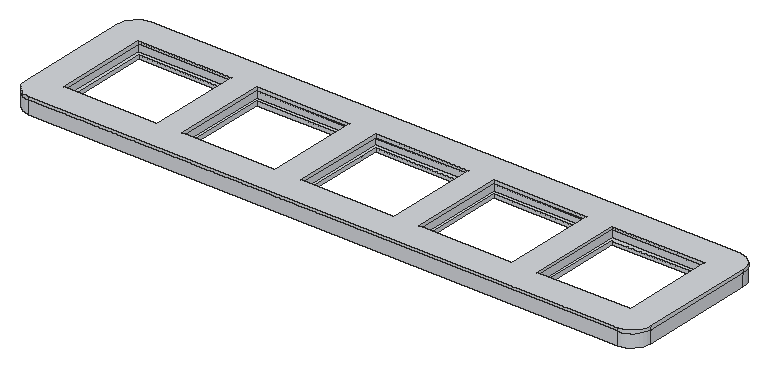
Revit family "Gira_0215427", category Electrical Fixtures, host Face, Revit 2017
Family settings
  Host = Face
  Maintain Annotation Orientation = No
  Round Connector Dimension = Use Diameter
  Part Type = Normal
  Cut with Voids When Loaded = No
  Shared = No
  Room Calculation Point = No
Parameters (values of type "Cov.fr. 5-g Gira E3 sand/anthra.")
  URL = "http://katalog.gira.de/en/datenblatt.html?artikelnr=0215427"
  Transparent = "No"
  Name = "Cov.fr. 5-g Gira E3 sand/anthra."
  Manufacturer URL = "https://www.gira.de/"
  Manufacturer = "Gira"
  Keynote = ""
  HeinzeBIM = "https://bimportal.heinze.de/bim/cov-fr-5-g-gira-e3-sand-anthra-/bf482813b412b719210a0537f9559d9848b2023b"
  HAN = "0215427"
  GTIN = "4010337024613"
  Description = "Cov.fr.5g E3 SdAn,Gira E3 cover frame,sand soft touch with anthracite intermediate frame,5-gang,Features:,- Shatter-proof.,,Notes :,- NCS value: approx. NCS S 2005-Y20R"
  Default Elevation = 1219.2 mm
  Data sheet (1) = "https://katalog.gira.de/en/download.html?artikelnr=0215427"
  Category = "Cover frame for domestic switching devices"
  BIM (1) = "https://media.stage.bim.site/public/gira/36a6b08/E3_Rahmen_5fach.rfa"
  Available = "No"
Reference planes
  plane 1 "Center (Front/Back)": y = 0
  plane 2: z = 0
  plane 3 "Center (Left/Right)": x = 0
Forms (mm)
  Extrusion 1, solid, detail levels fine
    sketch origin (0, 0, 0) x (1, 0, 0) y (0, 1, 0)
      loop
        arc (-177.4, 45.809) -> (-185.185, 42.585) -> (-188.409, 34.8) r 11.009
        line (-188.409, 34.8) -> (-188.409, -34.8)
        arc (-188.409, -34.8) -> (-185.185, -42.585) -> (-177.4, -45.809) r 11.009
        line (-177.4, -45.809) -> (177.4, -45.809)
        arc (177.4, -45.809) -> (185.185, -42.585) -> (188.409, -34.8) r 11.009
        line (188.409, -34.8) -> (188.409, 34.8)
        arc (188.409, 34.8) -> (185.185, 42.585) -> (177.4, 45.809) r 11.009
        line (177.4, 45.809) -> (-177.4, 45.809)
      loop
        line (-114.5, 28.187) -> (-170.756, 28.187) -> (-170.756, -28.187) -> (-114.5, -28.187) -> (-114.5, 28.187)
      loop
        line (-99.6, 28.187) -> (-99.6, -28.187) -> (-43.344, -28.187) -> (-43.344, 28.187) -> (-99.6, 28.187)
      loop
        line (114.5, 28.187) -> (114.5, -28.187) -> (170.756, -28.187) -> (170.756, 28.187) -> (114.5, 28.187)
      loop
        line (28.301, 28.187) -> (-27.955, 28.187) -> (-27.955, -28.187) -> (28.301, -28.187) -> (28.301, 28.187)
      loop
        line (43.143, 28.187) -> (43.143, -28.187) -> (99.399, -28.187) -> (99.399, 28.187) -> (43.143, 28.187)
    from 7.65 to 9.5
  Extrusion 2, solid, detail levels fine
    sketch origin (-142.8, 0, 0) x (1, 0, 0) y (0, 1, 0)
      loop
        line (26.1, 25.7) -> (-25.7, 25.7) -> (-25.7, -25.7) -> (26.1, -25.7) -> (26.1, 25.7)
      loop
        line (-28.187, -28.156) -> (28.187, -28.156) -> (28.187, 28.156) -> (-28.187, 28.156) -> (-28.187, -28.156)
    from 1.65 to 3.9
  Extrusion 3, solid, detail levels fine
    sketch origin (0, 0, 0) x (1, 0, 0) y (0, 1, 0)
      loop
        arc (-177.4, 45.809) -> (-185.185, 42.585) -> (-188.409, 34.8) r 11.009
        line (-188.409, 34.8) -> (-188.409, -34.8)
        arc (-188.409, -34.8) -> (-185.185, -42.585) -> (-177.4, -45.809) r 11.009
        line (-177.4, -45.809) -> (177.4, -45.809)
        arc (177.4, -45.809) -> (185.185, -42.585) -> (188.409, -34.8) r 11.009
        line (188.409, -34.8) -> (188.409, 34.8)
        arc (188.409, 34.8) -> (185.185, 42.585) -> (177.4, 45.809) r 11.009
        line (177.4, 45.809) -> (-177.4, 45.809)
      loop
        line (-186.443, 34.785) -> (-186.443, -34.785)
        arc (-186.443, -34.785) -> (-183.79, -41.19) -> (-177.385, -43.843) r 9.058
        line (-177.385, -43.843) -> (177.385, -43.843)
        arc (177.385, -43.843) -> (183.79, -41.19) -> (186.443, -34.785) r 9.058
        line (186.443, -34.785) -> (186.443, 34.785)
        arc (186.443, 34.785) -> (183.79, 41.19) -> (177.385, 43.843) r 9.058
        line (177.385, 43.843) -> (-177.385, 43.843)
        arc (-177.385, 43.843) -> (-183.79, 41.19) -> (-186.443, 34.785) r 9.058
    from 0 to 7.65
  Extrusion 4, solid, detail levels fine
    sketch origin (-35.75, 0, 0) x (1, 0, 0) y (0, 1, 0)
      loop
        line (-134.256, -31.075) -> (205.755, -31.075)
        arc (205.755, -31.075) -> (208.399, -29.98) -> (209.494, -27.337) r 3.739
        line (209.494, -27.337) -> (209.494, 27.337)
        arc (209.494, 27.337) -> (208.399, 29.98) -> (205.755, 31.075) r 3.739
        line (205.755, 31.075) -> (-134.256, 31.075)
        arc (-134.256, 31.075) -> (-136.899, 29.98) -> (-137.994, 27.337) r 3.739
        line (-137.994, 27.337) -> (-137.994, -27.337)
        arc (-137.994, -27.337) -> (-136.899, -29.98) -> (-134.256, -31.075) r 3.739
      loop
        line (-136.844, 27.537) -> (-136.844, -27.537)
        arc (-136.844, -27.537) -> (-136.145, -29.226) -> (-134.456, -29.925) r 2.389
        line (-134.456, -29.925) -> (205.955, -29.925)
        arc (205.955, -29.925) -> (207.644, -29.226) -> (208.344, -27.537) r 2.389
        line (208.344, -27.537) -> (208.344, 27.537)
        arc (208.344, 27.537) -> (207.644, 29.226) -> (205.955, 29.925) r 2.389
        line (205.955, 29.925) -> (-134.456, 29.925)
        arc (-134.456, 29.925) -> (-136.145, 29.226) -> (-136.844, 27.537) r 2.389
    from 1.65 to 7.65
  Extrusion 5, solid, detail levels fine
    sketch origin (0, 0, 0) x (1, 0, 0) y (0, 1, 0)
      loop
        line (-174.653, -39.8) -> (174.653, -39.8)
        arc (174.653, -39.8) -> (180.267, -36.708) -> (182.5, -30.7) r 9.2
        line (182.5, -30.7) -> (182.5, 30.7)
        arc (182.5, 30.7) -> (179.805, 37.205) -> (173.3, 39.9) r 9.2
        line (173.3, 39.9) -> (-173.3, 39.9)
        arc (-173.3, 39.9) -> (-179.805, 37.205) -> (-182.5, 30.7) r 9.2
        line (-182.5, 30.7) -> (-182.5, -30.7)
        arc (-182.5, -30.7) -> (-180.267, -36.708) -> (-174.653, -39.8) r 9.2
      loop
        line (-173.3, -31.7) -> (173.3, -31.7)
        arc (173.3, -31.7) -> (174.007, -31.407) -> (174.3, -30.7) r 1
        line (174.3, -30.7) -> (174.3, 30.7)
        arc (174.3, 30.7) -> (174.007, 31.407) -> (173.3, 31.7) r 1
        line (173.3, 31.7) -> (-173.3, 31.7)
        arc (-173.3, 31.7) -> (-174.007, 31.407) -> (-174.3, 30.7) r 1
        line (-174.3, 30.7) -> (-174.3, -30.7)
        arc (-174.3, -30.7) -> (-174.007, -31.407) -> (-173.3, -31.7) r 1
    from 1.65 to 3.9
  Extrusion 6, solid, detail levels fine
    sketch origin (-142.8, 0, 0) x (1, 0, 0) y (0, 1, 0)
      loop
        line (-28.187, 28.156) -> (-28.187, -28.156) -> (28.187, -28.156) -> (28.187, 28.156) -> (-28.187, 28.156)
      loop
        line (-29.925, 29.925) -> (-29.925, -29.925) -> (29.925, -29.925) -> (29.925, 29.925) -> (-29.925, 29.925)
    from 1.65 to 7.65
  Extrusion 7, solid, detail levels coarse+medium
    sketch origin (0, 0, 0) x (1, 0, 0) y (0, 1, 0)
      loop
        line (-188.409, 45.809) -> (-188.409, -45.809) -> (188.409, -45.809) -> (188.409, 45.809) -> (-188.409, 45.809)
    from 0 to 9.5
  Extrusion 8, solid, detail levels fine
    sketch origin (-71.3, 0, 0) x (-1, 0, 0) y (0, -1, 0)
      loop
        line (25.9, -25.7) -> (25.9, 25.7) -> (-25.9, 25.7) -> (-25.9, -25.7) -> (25.9, -25.7)
      loop
        line (-28.187, 28.156) -> (-28.187, -28.156) -> (28.187, -28.156) -> (28.187, 28.156) -> (-28.187, 28.156)
    from 1.65 to 3.9
  Extrusion 9, solid, detail levels fine
    sketch origin (-71.3, 0, 0) x (-1, 0, 0) y (0, -1, 0)
      loop
        line (-28.187, -28.156) -> (28.187, -28.156) -> (28.187, 28.156) -> (-28.187, 28.156) -> (-28.187, -28.156)
      loop
        line (-29.925, -29.925) -> (29.925, -29.925) -> (29.925, 29.925) -> (-29.925, 29.925) -> (-29.925, -29.925)
    from 1.65 to 7.65
  Extrusion 10, solid, detail levels fine
    sketch origin (0.2, 0, 0) x (-1, 0, 0) y (0, -1, 0)
      loop
        line (26.1, -25.7) -> (26.1, 25.7) -> (-25.7, 25.7) -> (-25.7, -25.7) -> (26.1, -25.7)
      loop
        line (-28.187, 28.156) -> (-28.187, -28.156) -> (28.187, -28.156) -> (28.187, 28.156) -> (-28.187, 28.156)
    from 1.65 to 3.9
  Extrusion 11, solid, detail levels fine
    sketch origin (0.2, 0, 0) x (-1, 0, 0) y (0, -1, 0)
      loop
        line (-28.187, -28.156) -> (28.187, -28.156) -> (28.187, 28.156) -> (-28.187, 28.156) -> (-28.187, -28.156)
      loop
        line (-29.925, -29.925) -> (29.925, -29.925) -> (29.925, 29.925) -> (-29.925, 29.925) -> (-29.925, -29.925)
    from 1.65 to 7.65
  Extrusion 12, solid, detail levels fine
    sketch origin (71.5, 0, 0) x (-1, 0, 0) y (0, -1, 0)
      loop
        line (26.1, -25.7) -> (26.1, 25.7) -> (-25.7, 25.7) -> (-25.7, -25.7) -> (26.1, -25.7)
      loop
        line (-28.187, 28.156) -> (-28.187, -28.156) -> (28.187, -28.156) -> (28.187, 28.156) -> (-28.187, 28.156)
    from 1.65 to 3.9
  Extrusion 13, solid, detail levels fine
    sketch origin (71.5, 0, 0) x (-1, 0, 0) y (0, -1, 0)
      loop
        line (-28.187, -28.156) -> (28.187, -28.156) -> (28.187, 28.156) -> (-28.187, 28.156) -> (-28.187, -28.156)
      loop
        line (-29.925, -29.925) -> (29.925, -29.925) -> (29.925, 29.925) -> (-29.925, 29.925) -> (-29.925, -29.925)
    from 1.65 to 7.65
  Extrusion 14, solid, detail levels fine
    sketch origin (142.8, 0, 0) x (-1, 0, 0) y (0, -1, 0)
      loop
        line (26.1, -25.7) -> (26.1, 25.7) -> (-25.7, 25.7) -> (-25.7, -25.7) -> (26.1, -25.7)
      loop
        line (-28.187, 28.156) -> (-28.187, -28.156) -> (28.187, -28.156) -> (28.187, 28.156) -> (-28.187, 28.156)
    from 1.65 to 3.9
  Extrusion 15, solid, detail levels fine
    sketch origin (142.8, 0, 0) x (-1, 0, 0) y (0, -1, 0)
      loop
        line (-28.187, -28.156) -> (28.187, -28.156) -> (28.187, 28.156) -> (-28.187, 28.156) -> (-28.187, -28.156)
      loop
        line (-29.925, -29.925) -> (29.925, -29.925) -> (29.925, 29.925) -> (-29.925, 29.925) -> (-29.925, -29.925)
    from 1.65 to 7.65
Dimensions and locks
  aligned and locked: plane 2 to host face
  aligned and locked: level to host face
